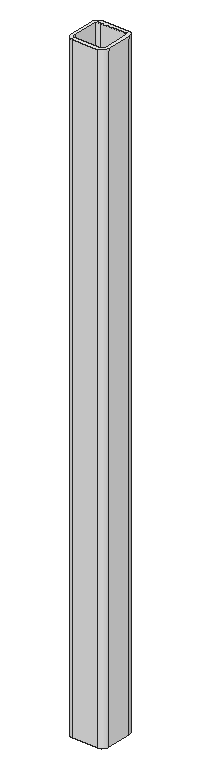
Revit family "Rectangular and Square Hollow Sections-Column", category 구조 기둥, Revit 2026
Family settings
  단면 모양 = 정의되지 않음
  모델 동작 재료 = 스틸
  항상 형상으로 내보내기 = 아니오
  평면의 보 전환 = 경계 상자에서
  로드될 때 보이드를 사용하여 절단 = 아니오
  기호 표현 = 프로젝트 설정에서
  공유 = 아니오
  평면도에서 미리 절단된 패밀리 표시 = 예
Parameters (values of type "SHS150x150x12.5")
  Assembly Code = ""
  Structural Material [instance] = Metal - Steel - 345 MPa
  A = 0.007 m²
  Ht = 150 mm
  W = 0.52368
  Shape = "Square"
  b = 150 mm
  kr = 2 * t  # 25 mm
  t = 12.5 mm
Reference planes
  plane 1 "Center (Front/Back)": y = 0
  plane 2: z = 0
  plane 3 "Center (Left/Right)": x = 0
  plane 4: x = -75
  plane 5: x = 75
  plane 6: y = 75
  plane 7: y = -75
  plane 8: x = -50
  plane 9: y = -50
  plane 10: y = 50
  plane 11: x = 50
Forms (mm)
  Extrusion 1, solid, material "Metal - Steel - 345 MPa" <- "Structural Material", detail levels medium
    sketch origin (0, 0, 0) x (1, 0, 0) y (0, 1, 0)
      loop
        line (-75, 75) -> (-75, -75) -> (75, -75) -> (75, 75) -> (-75, 75)
      loop
        line (-62.5, 62.5) -> (-62.5, -62.5) -> (62.5, -62.5) -> (62.5, 62.5) -> (-62.5, 62.5)
    from 0 to 2500
  Extrusion 2, solid, material "Metal - Steel - 345 MPa" <- "Structural Material", detail levels fine
    sketch origin (0, 0, 0) x (1, 0, 0) y (0, 1, 0)
      loop
        arc (-50, 75) -> (-67.678, 67.678) -> (-75, 50) r 25
        line (-75, 50) -> (-75, -50)
        arc (-75, -50) -> (-67.678, -67.678) -> (-50, -75) r 25
        line (-50, -75) -> (50, -75)
        arc (50, -75) -> (67.678, -67.678) -> (75, -50) r 25
        line (75, -50) -> (75, 50)
        arc (75, 50) -> (67.678, 67.678) -> (50, 75) r 25
        line (50, 75) -> (-50, 75)
      loop
        arc (-50, 62.5) -> (-58.839, 58.839) -> (-62.5, 50) r 12.5
        line (-62.5, 50) -> (-62.5, -50)
        arc (-62.5, -50) -> (-58.839, -58.839) -> (-50, -62.5) r 12.5
        line (-50, -62.5) -> (50, -62.5)
        arc (50, -62.5) -> (58.839, -58.839) -> (62.5, -50) r 12.5
        line (62.5, -50) -> (62.5, 50)
        arc (62.5, 50) -> (58.839, 58.839) -> (50, 62.5) r 12.5
        line (50, 62.5) -> (-50, 62.5)
    from 0 to 2500
Lines and regions (mm)
  symbolic lines, style "StructuralColumnStickSymbols", detail levels coarse
    curve 1: line (-75, 75, 0) -> (75, 75, 0)
    curve 2: line (-75, -75, 0) -> (75, -75, 0)
    curve 5: line (-75, 75, 0) -> (-75, -75, 0)
    curve 6: line (75, 75, 0) -> (75, -75, 0)
  symbolic lines, style "Hidden Faces", detail levels medium+fine
    curve 3: line (-62.5, 0, 0) -> (-62.5, 0, 2500)
    curve 4: line (62.5, 0, 2500) -> (62.5, 0, 0)
Dimensions and locks
  equal spacing: plane 4, plane 3 "Center (Left/Right)", plane 5
  equal spacing: plane 7, plane 1 "Center (Front/Back)", plane 6
  "Ht": plane 7 to plane 6
  "b": plane 4 to plane 5
  "t": Extrusion 1 sketch curve to plane 5
  "t": plane 4 to Extrusion 1 sketch curve
  "t": Extrusion 1 sketch curve to plane 6
  "t": Extrusion 1 sketch curve to plane 7
  "t": Extrusion 2 sketch curve to plane 6
  "t": Extrusion 2 sketch curve to plane 5
  "t": plane 4 to Extrusion 2 sketch curve
  "t": Extrusion 2 sketch curve to plane 7
  "kr": plane 10 to plane 6
  "kr": plane 7 to plane 9
  "kr": plane 11 to plane 5
  "kr": plane 4 to plane 8
  aligned and locked: plane 6 to Extrusion 1 sketch curve
  aligned and locked: Extrusion 1 sketch curve to plane 7
  aligned and locked: Extrusion 1 sketch curve to plane 4
  aligned and locked: plane 5 to Extrusion 1 sketch curve
  aligned and locked: level to Extrusion 1
  aligned and locked: level to plane 2
  aligned and locked: Extrusion 1 to plane 2
  aligned and locked: curve 1 to Extrusion 2 sketch curve
  aligned and locked: Extrusion 2 sketch curve to Extrusion 1
  aligned and locked: level to Extrusion 2
  aligned and locked: curve 4 to Extrusion 2
  aligned and locked: curve 3 to Extrusion 2
Automatic sketch dimensions
  Extrusion 2 sketch curve to plane 8 = 0 mm  (x4)
  Extrusion 2 sketch curve to plane 7 = 0 mm
  Extrusion 2 sketch curve to plane 11 = 0 mm
  Extrusion 2 sketch curve to plane 10 = 0 mm  (x2)
  Extrusion 2 sketch curve to plane 9 = 0 mm  (x2)
  curve 3 to level = 0 mm  (x2)
  curve 4 to level = 0 mm  (x2)
  curve 5 to plane 4 = 0 mm
  curve 2 to plane 5 = 0 mm
  curve 5 to plane 7 = 0 mm
  curve 5 to plane 6 = 0 mm
